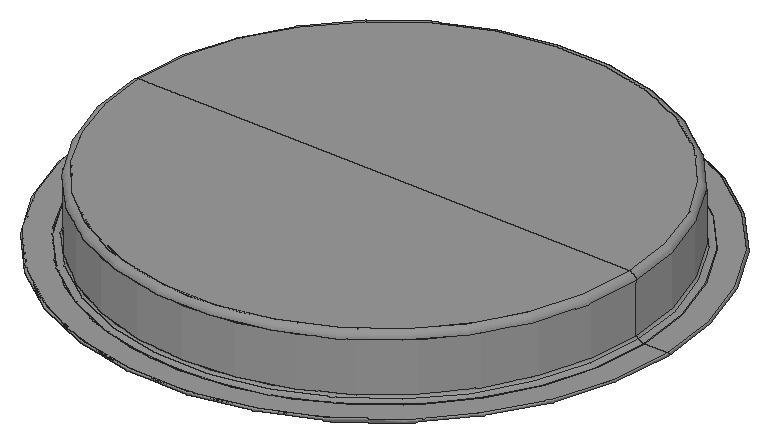
Revit family "MIA12_63_UN_Downlighter_ETK", category Lighting Fixtures, Revit 2017 (continued)
Definition of nested family "MIA.1 - Lightsource"
  Types (8, lengths in mm): name | Wattage | built-in parameter 1150134 | Photometric Web File | built-in parameter 1150142 | built-in parameter 1150105 | Lumens | built-in parameter 1150107 | built-in parameter 1150106
      17.2972 314.8072 312.5106 \r\n309.5975 306.3218 303.0219 299.8549 296.9781 293.2914 \r\n289.9674 286.5103 282.8599 279.1249 275.559 271.2559 \r\n267.7868 263.5441 259.2893 255.2278 250.9005 246.7908 \r\n242.0887 237.1208 232.6846 227.8375 223.7157 218.2763 \r\n212.8369 207.3976 202.3812 197.2924 192.2277 186.9334 \r\n181.7237 176.7194 171.4856 166.2758 160.6672 155.2158 \r\n149.8731 144.4216 138.9581 133.6275 128.4298 122.8938 \r\n117.2851 111.8095 106.4306 100.8582 95.3584 89.9432 84.4192 \r\n79.0886 73.758 68.234 62.9034 57.6454 52.4961 47.2984 \r\n42.1492 37.1449 32.2253 27.2936 22.4586 17.7203 13.0062 \r\n8.4492 4.0735 1.1121 0.0604 0.0604 0.0604 0.0604 0.0725 \r\n0.0725 0.0725 0.0846 0.0846 0.0967 0.1088 0.1209 0.1209 \r\n0.133 0.133 0.1571 0.1571 0.1692 0.1813 0.1813 0.1934 \r\n0.2055 0.2055 0.2176 0.2297 0.2297 0.2418 0.2538 0.2538 \r\n0.2659 0.2659 0.278 0.2901 0.2901 0.3022 0.3022 0.3143 \r\n0.3264 0.3264 0.3385 0.3385 0.3505 0.3505 0.3626 0.3626 \r\n0.3747 0.3868 0.3868 0.3868 0.411 0.411 0.4231 0.4231 \r\n0.4352 0.4352 0.4472 0.4472 0.4593 0.4593 0.4593 0.4714 \r\n0.4714 0.4714 0.4835 0.4835 0.4835 0.4956 0.4956 0.5198 \r\n0.5198 0.5319 0.5439 0.5439 0.556 0.5681 0.5802 0.5923 \r\n0.5923 0.6044 0.6044 0.6165 0.6165 0.6165 0.6165 0.6286 \r\n0.6286 0.6286 0.6286 0.6286 0.6286 0.6406 \r\n347.3105 347.2259 347.5644 346.8875 346.0776 344.0106 \r\n343.9018 343.2612 342.1612 340.5657 339.6833 338.0152 \r\n335.8637 334.2923 332.4066 330.5572 328.9254 326.3508 \r\n324.0904 321.5762 319.3521 316.4269 313.5501 311.0117 \r\n308.014 304.968 301.8373 297.9935 295.3947 291.9255 \r\n288.2872 284.9873 281.2764 277.2392 273.4437 269.5032 \r\n265.0671 261.2233 256.8113 253.3664 248.6402 244.1919 \r\n239.5503 235.223 230.5572 225.9398 221.0444 216.2456 \r\n211.2656 206.2734 201.4989 196.5188 191.1761 186.0389 \r\n180.8776 175.4382 170.1438 164.7286 159.2409 154.14 \r\n148.7489 143.2612 137.7372 132.189 126.9431 121.129 \r\n115.9072 110.4194 104.9317 99.4319 93.9925 88.4202 83.1621 \r\n77.6623 72.235 67.0615 61.6826 56.4366 51.1664 46.0534 \r\n40.9525 35.9483 30.9924 26.0486 21.274 16.4511 11.7732 \r\n7.2283 3.0219 0.689 0.0846 0.0846 0.0725 0.0725 0.0725 \r\n0.0725 0.0725 0.0725 0.0725 0.0846 0.0846 0.0967 0.0967 \r\n0.1088 0.1088 0.1209 0.133 0.1451 0.1571 0.1571 0.1692 \r\n0.1813 0.1813 0.1934 0.2055 0.2176 0.2176 0.2297 0.2297 \r\n0.2418 0.2538 0.2659 0.2659 0.278 0.278 0.278 0.2901 0.2901 \r\n0.3022 0.3143 0.3264 0.3264 0.3264 0.3385 0.3385 0.3505 \r\n0.3626 0.3626 0.3868 0.3868 0.3868 0.3989 0.3989 0.411 \r\n0.411 0.4231 0.4352 0.4352 0.4352 0.4352 0.4472 0.4472 \r\n0.4472 0.4593 0.4593 0.4593 0.4714 0.4714 0.4956 0.4956 \r\n0.5077 0.5077 0.5198 0.5439 0.556 0.556 0.556 0.5681 0.5802 \r\n0.5923 0.6165 0.6286 0.6286 0.6286 0.6406 0.6406 0.6406 \r\n0.6406 0.6406 0.6406 0.6406 \r\n346.7666 346.4402 345.9567 345.9446 345.3282 344.204 \r\n343.8293 342.4634 341.1822 340.2998 338.5833 337.3625 \r\n335.9362 333.8813 331.8143 330.2671 327.9463 326.0123 \r\n323.1234 320.851 318.8444 316.161 313.3084 309.9601 307.047 \r\n304.4119 301.0274 298.2352 294.5002 291.164 287.5257 284.25 \r\n280.6479 276.792 273.202 268.9955 264.7286 260.4497 \r\n256.6421 252.0972 247.9874 243.7689 239.3207 234.3406 \r\n229.9045 225.2992 220.0169 214.7347 209.4524 204.3515 \r\n199.033 194.0409 188.9399 184.0687 178.9073 173.8547 \r\n168.5241 163.121 157.8025 152.2422 146.8875 141.4481 \r\n136.0812 130.7869 125.1058 119.7026 114.3721 108.7997 \r\n103.3724 97.8605 92.4816 87.0543 81.6632 76.1876 70.7845 \r\n65.4901 60.1837 54.974 49.8006 44.5062 39.4778 34.4615 \r\n29.5298 24.719 19.896 15.1094 10.4557 5.9591 2.0911 0.2538 \r\n0.0725 0.0725 0.0725 0.0725 0.0725 0.0846 0.0846 0.0967 \r\n0.0967 0.1088 0.1209 0.1209 0.133 0.1451 0.1451 0.1571 \r\n0.1692 0.1692 0.1813 0.1934 0.1934 0.2176 0.2176 0.2297 \r\n0.2297 0.2418 0.2538 0.2538 0.2659 0.278 0.278 0.2901 \r\n0.2901 0.3022 0.3022 0.3143 0.3264 0.3264 0.3385 0.3385 \r\n0.3505 0.3505 0.3626 0.3626 0.3747 0.3747 0.3868 0.3868 \r\n0.3989 0.411 0.4231 0.4231 0.4352 0.4352 0.4472 0.4593 \r\n0.4593 0.4593 0.4714 0.4714 0.4714 0.4835 0.4835 0.4835 \r\n0.4835 0.4956 0.4956 0.5198 0.5198 0.5319 0.5439 0.556 \r\n0.556 0.5681 0.5802 0.5923 0.5923 0.6044 0.6044 0.6165 \r\n0.6165 0.6165 0.6165 0.6286 0.6286 0.6286 0.6286 0.6286 \r\n0.6286 0.6286 0.6406 \r\n348.3742 347.5281 347.0446 347.1171 345.6545 344.7842 \r\n343.8777 343.237 342.1008 340.3965 338.4987 337.5438 \r\n335.912 334.1956 332.2737 329.9529 327.7408 325.8915 \r\n323.3652 320.5488 318.3126 315.8226 312.6315 309.8392 \r\n307.0591 303.2636 300.5198 297.5341 294.0892 290.463 \r\n286.8609 282.6061 279.0161 275.5953 271.2438 267.8956 \r\n263.6287 259.6156 255.0465 251.1302 247.0688 241.9437 \r\n237.6163 232.9385 228.3694 223.6674 218.7598 213.8281 \r\n208.6547 204.0251 198.9605 194.1738 189.0729 183.6335 \r\n178.7381 173.4196 167.9197 162.7342 157.2465 151.8433 \r\n146.2106 140.8316 135.1988 129.832 124.308 118.7477 \r\n113.2117 107.7602 102.3208 97.099 91.5146 86.0389 80.5633 \r\n75.2206 69.7329 64.5111 59.2288 53.9707 48.7731 43.6359 \r\n38.6196 33.6637 28.732 23.7036 18.9653 14.2391 9.537 5.0888 \r\n1.5835 0.1451 0.0846 0.0846 0.0846 0.0846 0.0846 0.0846 \r\n0.0846 0.0846 0.0846 0.0846 0.0846 0.0967 0.0967 0.1209 \r\n0.1209 0.133 0.1451 0.1571 0.1571 0.1571 0.1692 0.1813 \r\n0.1934 0.2055 0.2055 0.2176 0.2297 0.2297 0.2418 0.2418 \r\n0.2538 0.2659 0.2659 0.278 0.278 0.2901 0.2901 0.3022 \r\n0.3022 0.3264 0.3264 0.3264 0.3264 0.3385 0.3385 0.3505 \r\n0.3626 0.3626 0.3747 0.3868 0.3868 0.3989 0.411 0.411 \r\n0.4231 0.4352 0.4352 0.4472 0.4472 0.4472 0.4472 0.4472 \r\n0.4472 0.4593 0.4593 0.4593 0.4714 0.4835 0.4956 0.4956 \r\n0.5077 0.5198 0.5319 0.5439 0.556 0.556 0.5681 0.5681 \r\n0.5802 0.5923 0.6165 0.6286 0.6406 0.6406 0.6406 0.6527 \r\n0.6527 0.6527 0.6648 0.6406 0.6406 \r\n347.794 347.371 346.549 345.9688 345.4491 344.1557 343.1403 \r\n342.959 341.8953 340.8316 339.2965 338.0152 336.5526 \r\n334.2439 332.5758 330.7385 328.2364 325.9277 323.6069 \r\n321.1531 318.0829 315.8951 312.9941 310.1777 306.8174 \r\n304.1702 301.0758 297.6429 294.3914 290.8014 287.2477 \r\n283.7906 280.1644 276.5623 272.1262 268.1736 264.1605 \r\n259.8936 255.7597 251.5774 246.4886 242.3305 237.8581 \r\n233.2165 228.6595 224.2596 218.8323 213.4051 207.9898 \r\n202.9373 197.8847 193.0134 188.0938 182.6544 177.2996 \r\n172.0778 166.6143 161.1386 155.9289 150.6588 145.3161 \r\n139.8042 134.3165 128.7199 123.3893 117.8049 112.4501 \r\n106.902 101.4384 95.9265 90.5597 84.9752 79.4875 74.1569 \r\n68.8867 63.5803 58.153 53.0037 47.8545 42.7052 37.6526 \r\n32.6725 27.7529 22.8938 18.0708 13.3688 8.7393 4.3757 \r\n1.2571 0.0725 0.0725 0.0725 0.0725 0.0846 0.0846 0.0967 \r\n0.1088 0.1088 0.1088 0.1209 0.133 0.1451 0.1451 0.1571 \r\n0.1571 0.1692 0.1813 0.1934 0.1934 0.2055 0.2055 0.2176 \r\n0.2297 0.2418 0.2418 0.2538 0.2659 0.2659 0.278 0.2901 \r\n0.3022 0.3022 0.3022 0.3143 0.3143 0.3264 0.3264 0.3385 \r\n0.3385 0.3505 0.3626 0.3626 0.3747 0.3747 0.3868 0.3989 \r\n0.3989 0.3989 0.411 0.4231 0.4352 0.4352 0.4472 0.4472 \r\n0.4593 0.4593 0.4714 0.4714 0.4835 0.4835 0.4835 0.4835 \r\n0.4835 0.4956 0.4956 0.5077 0.5077 0.5198 0.5319 0.5439 \r\n0.5439 0.556 0.556 0.5681 0.5802 0.5923 0.6044 0.6044 \r\n0.6165 0.6165 0.6165 0.6165 0.6286 0.6286 0.6286 0.6406 \r\n0.6406 0.6286 0.6286 0.6286 0.6406 \r\n346.5369 347.3589 346.6941 345.5578 344.8689 344.5546 \r\n343.6843 342.4755 341.2909 340.0701 337.979 336.4439 \r\n334.7033 332.878 330.8957 328.7804 326.242 324.5497 \r\n322.4828 319.6543 317.128 314.1061 311.5073 308.9568 \r\n306.1767 302.4538 299.6857 296.2045 292.9772 289.0729 \r\n285.5796 282.1588 278.4238 274.3503 270.4219 266.6747 \r\n262.3595 258.2618 253.7773 249.5105 245.026 240.8558 \r\n236.0571 231.5242 226.7376 221.9267 217.5269 212.4622 \r\n207.3009 202.3208 197.1232 192.2398 187.2598 182.1226 \r\n176.5623 171.4614 166.1912 160.8969 155.4817 150.1632 \r\n144.748 139.1877 133.6637 128.043 122.5553 117.1038 \r\n111.6403 106.1646 100.7011 95.2133 89.7981 84.5763 78.9073 \r\n73.6371 68.1857 63.0968 57.6816 52.5565 47.371 42.2338 \r\n37.1328 32.2495 27.342 22.4707 17.7324 13.0424 8.425 4.0856 \r\n1.1604 0.1088 0.0846 0.0846 0.0846 0.0846 0.0846 0.0846 \r\n0.0846 0.0846 0.0846 0.0846 0.0967 0.1088 0.1209 0.1209 \r\n0.133 0.1451 0.1451 0.1571 0.1692 0.1813 0.1813 0.2055 \r\n0.2055 0.2176 0.2176 0.2176 0.2297 0.2418 0.2538 0.2659 \r\n0.2659 0.2659 0.278 0.278 0.2901 0.2901 0.3022 0.3143 \r\n0.3264 0.3264 0.3264 0.3264 0.3385 0.3385 0.3505 0.3626 \r\n0.3747 0.3868 0.3868 0.3868 0.3989 0.411 0.411 0.4231 \r\n0.4352 0.4472 0.4352 0.4472 0.4472 0.4472 0.4472 0.4593 \r\n0.4593 0.4593 0.4593 0.4714 0.4714 0.4956 0.4956 0.5077 \r\n0.5077 0.5198 0.5319 0.556 0.556 0.556 0.5681 0.5681 0.5802 \r\n0.6044 0.6286 0.6286 0.6406 0.6406 0.6406 0.6648 0.6648 \r\n0.6648 0.6648 0.6527 0.6406 \r\n347.0688 347.0204 346.4402 345.8238 345.4249 344.7722 \r\n343.9502 343.0315 341.6536 340.2031 338.68 337.1812 \r\n335.2593 333.3011 331.3067 329.4935 327.5474 325.2025 \r\n322.7124 320.0894 317.3818 314.9039 312.3776 309.3678 \r\n306.5393 303.4329 300.133 296.8814 293.6299 290.0157 \r\n286.7158 282.8116 279.2095 275.2689 271.3042 267.0374 \r\n262.8792 258.8662 254.5509 250.3082 245.9567 241.5327 \r\n236.7098 232.2253 227.4024 223.1355 217.5269 211.9304 \r\n207.0833 202.1516 197.4374 192.0343 186.8004 181.9775 \r\n176.5986 171.2196 165.8286 160.5464 155.0949 149.6313 \r\n144.059 138.813 133.5187 127.9342 122.519 116.9709 111.5073 \r\n106.08 100.5681 95.1287 89.7377 84.3467 78.8469 73.3591 \r\n68.0648 62.6858 57.4761 52.2785 47.2138 42.0283 36.8911 \r\n31.9715 27.0277 22.1806 17.5148 12.7886 8.2558 3.9889 \r\n1.0758 0.0725 0.0725 0.0725 0.0846 0.0846 0.0846 0.0967 \r\n0.0967 0.1088 0.1209 0.1209 0.133 0.1451 0.1571 0.1571 \r\n0.1692 0.1813 0.1813 0.1934 0.2055 0.2176 0.2297 0.2297 \r\n0.2418 0.2418 0.2538 0.2659 0.2659 0.278 0.2901 0.2901 \r\n0.3022 0.3022 0.3143 0.3264 0.3264 0.3264 0.3385 0.3505 \r\n0.3505 0.3626 0.3626 0.3626 0.3747 0.3868 0.3868 0.3989 \r\n0.3989 0.411 0.411 0.4231 0.4352 0.4352 0.4472 0.4593 \r\n0.4593 0.4714 0.4714 0.4714 0.4835 0.4835 0.4835 0.4956 \r\n0.4956 0.4956 0.4956 0.5077 0.5077 0.5198 0.5319 0.5439 \r\n0.5439 0.556 0.5681 0.5681 0.5923 0.5923 0.6044 0.6044 \r\n0.6165 0.6286 0.6286 0.6286 0.6286 0.6286 0.6406 0.6406 \r\n0.6406 0.6406 0.6406 0.6406 0.6406 \r\n347.794 347.5885 347.0083 346.0293 345.9084 344.9776 \r\n343.4304 342.1612 341.9437 339.8404 338.813 337.3988 \r\n335.3922 333.5549 331.6088 329.7836 327.8134 325.42 \r\n322.7366 320.1982 317.5752 314.4446 312.148 309.4041 \r\n306.4547 302.8889 300.2176 296.5913 293.2431 289.5806 \r\n285.7851 282.7028 279.004 275.3052 270.8812 267.1945 \r\n262.9759 258.8058 254.3334 250.1632 245.7029 241.436 \r\n236.746 232.2495 227.5595 222.785 217.7324 213.0424 \r\n207.9778 203.1307 197.788 192.6508 187.707 182.8478 \r\n177.5656 172.2954 166.5659 161.3441 155.8564 150.5016 \r\n145.0381 139.7921 134.4252 128.4057 123.0992 117.4665 \r\n111.9666 106.4789 100.9791 95.576 90.0641 84.7576 79.2337 \r\n73.8184 68.4758 63.1452 57.8992 52.7257 47.5885 42.4755 \r\n37.3262 32.4066 27.4266 22.6399 17.8774 13.2117 8.6547 \r\n4.3032 1.2813 0.1088 0.0846 0.0846 0.0846 0.0846 0.0846 \r\n0.0846 0.0846 0.0846 0.0967 0.0967 0.0967 0.1088 0.1088 \r\n0.1209 0.133 0.1571 0.1571 0.1571 0.1692 0.1813 0.1934 \r\n0.2055 0.2176 0.2055 0.2176 0.2297 0.2418 0.2418 0.2538 \r\n0.2659 0.2659 0.278 0.278 0.2901 0.2901 0.3022 0.3264 \r\n0.3264 0.3264 0.3264 0.3264 0.3385 0.3505 0.3505 0.3505 \r\n0.3747 0.3747 0.3868 0.3868 0.3989 0.3989 0.3989 0.4231 \r\n0.4352 0.4352 0.4472 0.4472 0.4472 0.4472 0.4472 0.4593 \r\n0.4593 0.4593 0.4714 0.4714 0.4714 0.4714 0.4956 0.5077 \r\n0.5077 0.5077 0.5319 0.5319 0.556 0.556 0.556 0.5681 0.5802 \r\n0.5802 0.6044 0.6286 0.6406 0.6406 0.6527 0.6648 0.6769 \r\n0.6769 0.6769 0.6769 0.6527 0.6406 \r\n347.4918 347.4556 347.4556 346.5853 345.7633 345.2194 \r\n344.5062 343.2733 341.581 341.2426 340.5899 338.3053 \r\n336.4318 334.5582 333.3495 331.8627 329.8682 327.2211 \r\n325.4805 323.4014 320.7422 318.4093 315.6171 312.7644 \r\n309.3195 306.4668 303.6383 300.0363 296.7243 292.7354 \r\n290.6322 287.6224 283.5489 279.7292 275.5107 271.7152 \r\n266.9527 264.6803 259.1563 254.9015 250.1994 246.0413 \r\n241.3756 237.3262 232.6363 228.0189 222.9542 217.9862 \r\n212.704 207.5184 202.7076 197.5221 192.4816 187.1389 \r\n182.4006 176.5744 171.0141 165.5627 160.4134 154.841 \r\n148.9061 143.4063 137.8944 132.2857 126.5079 121.0081 \r\n115.2665 109.5975 103.9284 98.2594 93.1222 87.0301 81.8687 \r\n76.1272 70.5669 65.0792 59.8453 54.2488 49.039 43.8051 \r\n38.5713 33.5308 28.4661 23.5223 18.6389 13.8523 9.1261 4.69 \r\n1.4868 0.1571 0.133 0.133 0.133 0.133 0.1451 0.1451 0.1451 \r\n0.1451 0.1451 0.1451 0.1451 0.1571 0.1692 0.1813 0.1934 \r\n0.2055 0.2055 0.2176 0.2297 0.2418 0.2538 0.2659 0.2659 \r\n0.278 0.2901 0.3022 0.3143 0.3264 0.3264 0.3385 0.3385 \r\n0.3505 0.3626 0.3626 0.3747 0.3747 0.3868 0.3989 0.3989 \r\n0.411 0.411 0.4352 0.4352 0.4352 0.4472 0.4472 0.4472 \r\n0.4593 0.4714 0.4714 0.4835 0.4835 0.4956 0.4956 0.4956 \r\n0.5077 0.5077 0.5077 0.5198 0.5319 0.5439 0.5439 0.5439 \r\n0.556 0.556 0.556 0.556 0.556 0.556 0.556 0.556 0.556 0.556 \r\n0.556 0.556 0.556 0.556 0.5681 0.5681 0.5802 0.5802 0.6165 \r\n0.6406 0.6648 0.6648 0.6769 0.6769 0.6769 0.6769 0.6769 \r\n0.6406 \r\n348.6764 349.6434 348.4468 348.1446 347.9753 346.8512 \r\n345.9688 344.9535 344.337 342.7535 342.1612 341.3151 \r\n338.7526 337.5076 335.6098 334.1593 331.3187 329.8924 \r\n327.487 326.0002 322.9058 320.3916 317.6115 315.1457 \r\n312.3414 309.4524 306.0558 303.2757 299.9637 296.6759 \r\n292.9772 289.6531 286.1235 282.4973 277.9524 274.169 \r\n270.2889 266.1912 262.1903 257.6212 253.1971 248.8215 \r\n244.3612 239.635 235.078 230.666 225.6739 220.1499 214.6259 \r\n209.114 204.279 198.9846 193.7024 188.4806 183.2346 \r\n177.9886 172.5734 166.989 161.4287 155.9531 150.5137 \r\n144.8809 139.3207 133.5912 128.0068 122.374 116.7412 \r\n111.2897 105.6086 99.6736 93.9079 88.4564 82.9566 77.3963 \r\n71.9811 66.4451 60.9452 55.7355 50.1994 44.9414 39.6229 \r\n34.5703 29.4694 24.4893 19.5455 14.7105 10.0447 5.4998 \r\n1.8252 0.1934 0.1088 0.1088 0.1209 0.1209 0.1209 0.1209 \r\n0.133 0.133 0.1451 0.1571 0.1571 0.1813 0.1934 0.2055 \r\n0.2055 0.2176 0.2297 0.2418 0.2538 0.2538 0.2659 0.278 \r\n0.2901 0.2901 0.3022 0.3143 0.3264 0.3385 0.3385 0.3505 \r\n0.3626 0.3747 0.3747 0.3868 0.3868 0.3868 0.3989 0.411 \r\n0.4231 0.4352 0.4352 0.4472 0.4472 0.4593 0.4593 0.4714 \r\n0.4714 0.4835 0.4956 0.4956 0.4956 0.4956 0.5077 0.5077 \r\n0.5198 0.5198 0.5319 0.5319 0.5319 0.5319 0.5319 0.5319 \r\n0.5439 0.5439 0.5439 0.5439 0.5439 0.5439 0.5439 0.5439 \r\n0.5439 0.5439 0.556 0.556 0.5681 0.5681 0.5681 0.5802 \r\n0.5923 0.5923 0.6044 0.6406 0.6527 0.6527 0.6648 0.6648 \r\n0.6648 0.6769 0.6648 0.6406 0.6406 \r\n347.5281 347.8666 347.5765 347.105 347.7094 346.2952 \r\n345.2677 344.059 343.6238 343.5392 342.2217 340.336 \r\n339.1515 337.4109 335.5494 333.4582 331.2825 329.5177 \r\n327.354 325.3596 323.0751 320.8751 317.7807 314.5171 \r\n312.2326 309.5491 306.1525 302.623 299.5528 296.41 293.6057 \r\n290.197 286.2202 282.3039 278.448 275.1481 270.8933 266.711 \r\n262.0815 258.008 253.4147 248.8336 244.6271 240.1547 \r\n235.5373 230.4364 225.831 221.3345 216.1731 210.8546 \r\n205.6086 200.6527 195.6364 190.2816 185.1082 179.56 174.169 \r\n168.7296 163.2902 158.1289 152.4235 146.6578 141.0371 \r\n135.3197 129.6869 124.0662 118.3609 112.7402 107.1437 \r\n101.5472 95.9023 90.3179 84.6005 78.9556 73.3591 67.823 \r\n62.3837 57.1256 51.6016 46.2952 41.0734 36.0087 30.8715 \r\n25.8068 20.863 16.0039 11.2535 6.6481 2.623 0.5319 0.133 \r\n0.133 0.133 0.133 0.133 0.133 0.133 0.133 0.133 0.133 \r\n0.1451 0.1571 0.1692 0.1692 0.1813 0.1934 0.2055 0.2176 \r\n0.2176 0.2176 0.2418 0.2418 0.2659 0.2659 0.278 0.278 \r\n0.2901 0.3022 0.3264 0.3264 0.3264 0.3385 0.3505 0.3505 \r\n0.3505 0.3626 0.3626 0.3868 0.3868 0.3868 0.3989 0.411 \r\n0.4231 0.4352 0.4352 0.4472 0.4472 0.4472 0.4593 0.4593 \r\n0.4714 0.4835 0.4956 0.4956 0.4956 0.4956 0.4956 0.5077 \r\n0.5077 0.5198 0.5198 0.5439 0.556 0.556 0.556 0.556 0.556 \r\n0.556 0.556 0.556 0.556 0.556 0.556 0.556 0.556 0.556 0.556 \r\n0.556 0.556 0.556 0.5681 0.6165 0.6406 0.6406 0.6648 0.6769 \r\n0.6769 0.6769 0.6769 0.6648 0.6406 \r\n348.1083 347.1534 347.3831 347.4918 347.3347 346.5248 \r\n346.0051 345.2436 343.648 342.7656 341.4843 340.4569 \r\n339.1635 337.5317 336.3472 334.3527 332.4791 330.4605 \r\n328.2364 326.0002 323.606
      9 321.0564 318.2159 316.294 \r\n312.4622 310.3227 307.2404 303.6504 301.0879 297.6188 \r\n294.1376 290.463 287.1993 283.5368 279.7534 275.7283 \r\n272.2833 268.0285 263.5441 259.386 255.4212 250.3082 \r\n246.3798 241.8107 237.3746 232.455 227.6562 223.6311 \r\n218.0104 212.3897 206.7811 201.6923 196.4463 191.2003 \r\n185.8576 180.8292 175.281 169.5757 164.2814 158.8904 \r\n153.5598 147.9874 142.5239 136.7944 131.2462 125.5893 \r\n119.8598 113.9732 108.4733 102.7922 97.244 91.6959 86.1114 \r\n80.5028 74.8942 69.3582 63.8704 58.3464 53.0521 47.7336 \r\n42.5239 37.2416 32.177 27.209 22.2289 17.3577 12.571 7.9778 \r\n3.59 0.9791 0.0967 0.1088 0.1088 0.1088 0.1209 0.1209 0.133 \r\n0.133 0.1451 0.1571 0.1571 0.1692 0.1813 0.1813 0.1934 \r\n0.2055 0.2176 0.2297 0.2297 0.2418 0.2538 0.2538 0.2659 \r\n0.278 0.2901 0.3022 0.3143 0.3264 0.3264 0.3385 0.3505 \r\n0.3505 0.3626 0.3747 0.3747 0.3747 0.3868 0.3989 0.3989 \r\n0.411 0.4231 0.4231 0.4352 0.4472 0.4593 0.4593 0.4593 \r\n0.4714 0.4714 0.4835 0.4956 0.4956 0.4956 0.4956 0.5077 \r\n0.5198 0.5198 0.5198 0.5198 0.5198 0.5198 0.5198 0.5198 \r\n0.5319 0.5319 0.5319 0.5319 0.5319 0.5319 0.5319 0.5439 \r\n0.5439 0.5439 0.556 0.556 0.556 0.5681 0.5681 0.5802 0.5923 \r\n0.6044 0.6165 0.6165 0.6286 0.6406 0.6406 0.6527 0.6406 \r\n0.6406 0.6406 0.6406 \r\n347.5765 347.5039 347.6852 347.6611 346.96 345.9446 \r\n345.3403 344.8809 343.7931 343.1887 341.9195 340.3239 \r\n338.9581 337.435 335.767 334.0505 332.2253 330.0979 \r\n328.4177 326.0002 323.7278 321.2982 318.6631 316.1247 \r\n313.2842 310.0085 307.3009 304.2065 300.9428 297.3891 \r\n294.0529 290.6805 287.5982 283.8994 280.0677 276.526 \r\n272.4163 268.2945 264.1243 260.1837 255.8806 251.5412 \r\n246.8633 242.3063 238.0998 232.9868 228.2727 223.5586 \r\n218.4939 213.2842 208.3646 203.5054 198.5011 193.2793 \r\n188.3839 182.872 176.9975 171.6548 166.3121 161.1266 \r\n155.6872 149.9214 144.2766 138.5713 133.0231 127.2332 \r\n121.7938 115.9797 110.3832 104.7867 99.178 93.4969 87.985 \r\n82.2434 76.7799 71.0988 65.6956 60.3409 54.9377 49.6313 \r\n44.2403 39.0668 33.8934 28.8166 23.8487 18.9653 14.1787 \r\n9.4524 4.9438 1.5472 0.1692 0.1209 0.133 0.133 0.133 0.133 \r\n0.133 0.133 0.133 0.133 0.133 0.1451 0.1451 0.1571 0.1692 \r\n0.1692 0.1813 0.1934 0.2055 0.2176 0.2176 0.2297 0.2418 \r\n0.2659 0.2659 0.2659 0.278 0.2901 0.2901 0.3143 0.3143 \r\n0.3264 0.3385 0.3385 0.3385 0.3505 0.3505 0.3747 0.3868 \r\n0.3868 0.3868 0.3989 0.411 0.4231 0.4231 0.4352 0.4472 \r\n0.4472 0.4472 0.4593 0.4593 0.4714 0.4835 0.4835 0.4835 \r\n0.4956 0.4956 0.4956 0.5077 0.5077 0.5198 0.5198 0.5319 \r\n0.5319 0.5319 0.5319 0.5319 0.5319 0.5319 0.5319 0.5439 \r\n0.5439 0.5439 0.5439 0.5439 0.5439 0.5439 0.556 0.556 0.556 \r\n0.5802 0.6165 0.6286 0.6406 0.6527 0.6769 0.6769 0.6769 \r\n0.6769 0.6648 0.6406 \r\n347.3105 347.3226 348.0358 346.96 347.0446 346.1018 \r\n345.4853 345.3282 344.4337 344.1436 342.2096 341.5569 \r\n340.1426 338.7405 336.8669 335.1021 333.1198 331.1495 \r\n329.4331 326.9914 325.6134 322.3982 320.6213 318.2521 \r\n314.9281 311.7732 309.2228 306.5152 302.7439 299.867 \r\n296.3254 293.1222 289.2784 286.4015 282.1347 278.1941 \r\n274.5195 270.857 266.2517 262.154 258.2497 253.5477 \r\n249.3171 245.0864 240.6382 235.8153 231.4517 226.6771 \r\n221.0927 215.5083 209.9238 204.5449 199.2143 193.9562 \r\n189.2663 183.706 178.5084 173.4075 168.5604 162.9397 \r\n157.186 151.5895 146.1743 140.3965 134.7879 128.9254 \r\n123.2806 117.817 112.2688 106.4064 100.9428 95.1529 89.4718 \r\n84.0566 78.4117 72.8514 67.3033 61.9122 56.5454 51.106 \r\n45.86 40.602 35.4043 30.3276 25.3113 20.3916 15.4599 \r\n10.8062 6.1767 2.212 0.3505 0.0967 0.1088 0.1088 0.1088 \r\n0.1209 0.1209 0.133 0.133 0.1451 0.1451 0.1571 0.1692 \r\n0.1813 0.1934 0.1934 0.2055 0.2176 0.2176 0.2418 0.2418 \r\n0.2538 0.2538 0.2659 0.278 0.2901 0.3022 0.3143 0.3264 \r\n0.3264 0.3385 0.3505 0.3626 0.3626 0.3626 0.3747 0.3747 \r\n0.3868 0.3989 0.411 0.4231 0.4231 0.4231 0.4352 0.4472 \r\n0.4593 0.4593 0.4714 0.4714 0.4835 0.4956 0.4956 0.5077 \r\n0.5077 0.5077 0.5198 0.5198 0.5198 0.5319 0.5319 0.5319 \r\n0.5319 0.5319 0.5319 0.5319 0.5319 0.5319 0.5319 0.5319 \r\n0.5439 0.5439 0.5439 0.5439 0.556 0.556 0.556 0.5681 0.5681 \r\n0.5802 0.5923 0.5923 0.6044 0.6044 0.6165 0.6165 0.6286 \r\n0.6286 0.6286 0.6286 0.6286 0.6406 \r\n" | 87.535 (stored number, unit not read) | 1100 lm | 4000 (stored number, unit not read) | 0.87535 (stored number, unit not read)
